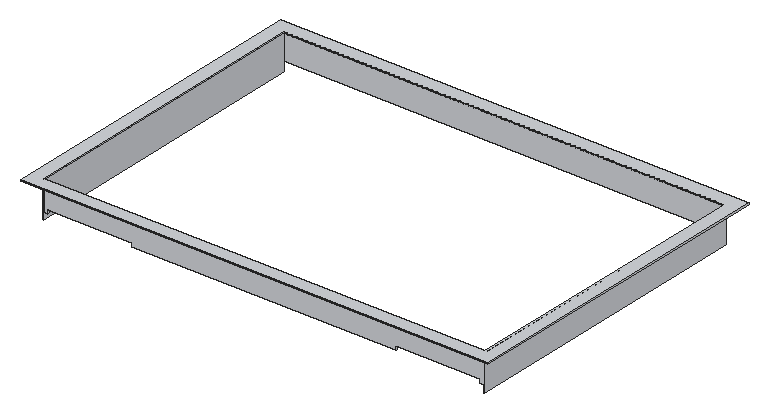
Revit family "DRSQT38-2", category Generic Models, host Face, Revit 2019
Family settings
  Host = Face
  Can host rebar = No
  Round Connector Dimension = Use Diameter
  Part Type = Normal
  Cut with Voids When Loaded = No
  Shared = No
  Room Calculation Point = No
Parameters
  Default Elevation = 48.00"
Reference planes (in)
  plane 1 "Center (Front/Back)": y = 0
  plane 2: z = 0
  plane 3 "Center (Left/Right)": x = 0
Forms (in)
  Extrusion 1, solid
    sketch origin (0, 0, 0) x (1, 0, 0) y (0, 1, 0)
      loop
        line (17.77788, 12.4019) -> (-17.77787, 12.4019) -> (-17.77787, -12.4039) -> (17.77788, -12.4039) -> (17.77788, 12.4019)
      loop
        line (16.77788, 11.402) -> (-16.77787, 11.402) -> (-16.77787, -11.402) -> (16.77788, -11.402) -> (16.77788, 11.402)
    from 0 to 0.09
  Extrusion 2, solid
    sketch origin (0, 0, 0) x (1, 0, 0) y (0, 1, 0)
      loop
        line (16.77788, 11.402) -> (-16.77787, 11.402) -> (-16.77787, -11.402) -> (16.77788, -11.402) -> (16.77788, 11.402)
      loop
        line (16.83888, 11.457) -> (-16.83887, 11.457) -> (-16.83887, -11.4649) -> (16.83888, -11.4649) -> (16.83888, 11.457)
    from 0 to -2.6891
  Extrusion 3, void
    sketch origin (0, 0, -1) x (1, 0, 0) y (0, 0, 1)
      loop
        line (-16.77787, -0.9092) -> (-16.77787, -2.6891) -> (16.77788, -2.6891) -> (16.77788, -0.9092) -> (-16.77787, -0.9092)
    from -15.34002 to 0
  Extrusion 4, void
    sketch origin (0, 0, -2.0291) x (1, 0, 0) y (0, 0, 1)
      loop
        line (-16.41603, 0.1199) -> (-16.41603, -0.1301) -> (-16.77787, -0.1301) -> (-16.77787, -1.66) -> (16.77788, -1.66) -> (16.77788, -0.1301) -> (16.41603, -0.1301) -> (16.41603, 0.1199) -> (10.04103, 0.1199) -> (10.04103, -0.1301) -> (-10.04103, -0.1301) -> (-10.04103, 0.1199) -> (-16.41603, 0.1199)
    from 0 to 15.4467
Cuts and joins
  Extrusion 3, Extrusion 4 cuts Extrusion 2
Dimensions and locks (in)
  aligned and locked: plane 2 to host face
  aligned and locked: level to host face
